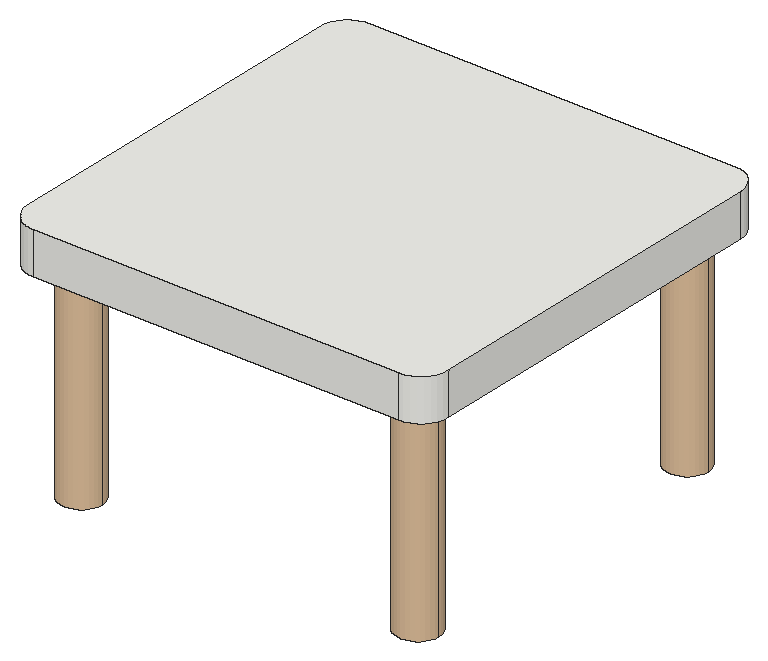
Revit family "Family2026", category Furniture, Revit 2026
Family settings
  Classification Number = 23.40.20.14.17
  Work Plane-Based = No
  Enable Cutting in Views = No
  Always vertical = Yes
  Cut with Voids When Loaded = No
  Render Appearance Source = Family Geometry
  Shared = Yes
  Room Calculation Point = No
Parameters (values of type "0762 x 0762mm")
  Default Elevation = 0.00 mm
  Base Material = Wood - Birch
  Height = 457.00 mm
  Length = 762.00 mm
  Top Material = Laminate - Ivory, Matte
  Width = 762.00 mm
Types (4, lengths in mm): name | Height | Length | Width
  (no name) | 457.00 | 762.00 | 762.00
  0610 x 0160mm | 762.00 | 610.00 | 610.00
  0762 x 0762mm | 457.00 | 762.00 | 762.00
  0610 x 0915mm | 762.00 | 610.00 | 915.00
Reference planes
  plane 1: y = 152.4
  plane 2: z = 0
  plane 3 "Left": x = 3.734
  plane 4 "Right": x = 765.734
  plane 5 "Back": y = 533.4
  plane 6 "Front": y = -228.6
  plane 7: x = 384.734
Forms (mm)
  Extrusion 1, solid, material "Laminate - Ivory, Matte" <- "Top Material"
    sketch origin (0, 0, 0) x (1, 0, 0) y (0, 1, 0)
      loop
        line (54.534, -228.6) -> (714.934, -228.6)
        arc (714.934, -228.6) -> (750.855, -213.721) -> (765.734, -177.8) r 50.8
        line (765.734, -177.8) -> (765.734, 482.6)
        arc (765.734, 482.6) -> (750.855, 518.521) -> (714.934, 533.4) r 50.8
        line (714.934, 533.4) -> (54.534, 533.4)
        arc (54.534, 533.4) -> (18.613, 518.521) -> (3.734, 482.6) r 50.8
        line (3.734, 482.6) -> (3.734, -177.8)
        arc (3.734, -177.8) -> (18.613, -213.721) -> (54.534, -228.6) r 50.8
    from 380.8 to 457
  Extrusion 2, solid, material "Wood - Birch" <- "Base Material"
    sketch origin (0, 0, 0) x (1, 0, 0) y (0, 1, 0)
      loop
        circle (79.934, 457.2) r 38.1
      loop
        circle (79.934, -152.4) r 38.1
      loop
        circle (689.534, -152.4) r 38.1
      loop
        circle (689.534, 457.2) r 38.1
    from 0 to 380.8
Lines and regions (mm)
  Masking region 1
    outline origin (0, 0, 0) x (1, 0, 0) y (0, 1, 0)
      loop
        arc (54.534, 533.4) -> (18.613, 518.521) -> (3.734, 482.6) r 50.8
        line (3.734, 482.6) -> (3.734, -177.8)
        arc (3.734, -177.8) -> (18.613, -213.721) -> (54.534, -228.6) r 50.8
        line (54.534, -228.6) -> (714.934, -228.6)
        arc (714.934, -228.6) -> (750.855, -213.721) -> (765.734, -177.8) r 50.8
        line (765.734, -177.8) -> (765.734, 482.6)
        arc (765.734, 482.6) -> (750.855, 518.521) -> (714.934, 533.4) r 50.8
        line (714.934, 533.4) -> (54.534, 533.4)
Dimensions and locks
  locked: Extrusion 1 to Extrusion 1 at 76.2
  "Height": Extrusion 1 to plane 2
  locked: Extrusion 1 to Extrusion 2 sketch curve at 76.2  (x8)
  "Width": plane 5 "Back" to plane 6 "Front"
  "Length": plane 3 "Left" to plane 4 "Right"
  equal spacing: plane 5 "Back", plane 1, plane 6 "Front"
  equal spacing: plane 3 "Left", plane 7, plane 4 "Right"
  radius of Extrusion 1 sketch curve = 50.80 mm  (x4)
  aligned and locked: plane 2 to level
  aligned and locked: plane 6 "Front" to Extrusion 1 sketch curve
  aligned and locked: Extrusion 2 to Extrusion 1
  aligned and locked: Masking region 1 sketch curve to plane 5 "Back"
  aligned and locked: plane 3 "Left" to Masking region 1 sketch curve
  aligned and locked: plane 4 "Right" to Masking region 1 sketch curve
  aligned and locked: Masking region 1 sketch curve to plane 6 "Front"
  aligned: Masking region 1 sketch curve to Extrusion 1
Automatic sketch dimensions
  Extrusion 2 sketch curve to Extrusion 2 sketch curve = 38.10 mm  (x4)
  Extrusion 1 sketch curve to plane 3 "Left" = 0.00 mm
  Extrusion 1 sketch curve to plane 4 "Right" = 0.00 mm
  Extrusion 1 sketch curve to plane 5 "Back" = 0.00 mm
  plane 3 "Left" to Masking region 1 sketch curve = 50.80 mm  (x2)
  plane 4 "Right" to Masking region 1 sketch curve = 50.80 mm  (x2)
